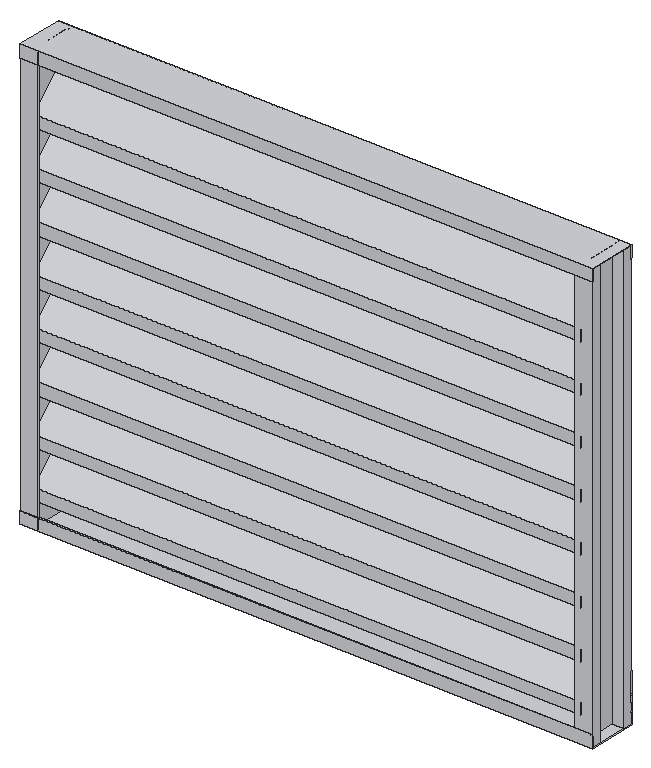
Revit family "SFL-4", category Mechanical Equipment, Revit 2015
Parameters
  URL = "https://unitedenertech.com/catalog/pdf/A_14%20SFL-4.pdf"
  Type Comments = "Max. Single Section Size is (96\"w x 72\"h)"
  Model = "SFL-4"
  Manufacturer = "United Enertech Corporation"
  Exact Width = 4' - 0"
  Exact Height = 3' - 0"
  Description = "4\" Fixed Steel Louver"
  Depth = 0' - 4.0956"
  Blade Spacing [instance] = 0' - 4"
  Blade Number [instance] = (Exact Height - 0' 4") / Blade Spacing  # 8
  BW [instance] = Exact Width - 0' 2 3/32"  # 3' - 9 29/32"
Reference planes (in)
  plane 1 "Center (Front/Back)": y = 0
  plane 2: z = 0
  plane 3 "Center (Left/Right)": x = 0
  plane 4: z = 18
  plane 5: z = 36
  plane 6: x = -24
  plane 7: x = 24
  plane 8: y = -4.0956
  plane 9: z = 0.0478
  plane 10: z = 35.9522
  plane 11: y = -0.0478
  plane 12: y = -4.0478
  plane 13: y = -4
Forms (in)
  Extrusion 1, solid
    sketch origin (34.90286, -55.01531, -11.50264) x (0, 1, 0) y (0, 0, 1)
      loop
        line (50.96751, 12.50264) -> (50.91971, 12.50264) -> (50.91971, 11.50264) -> (55.01531, 11.50264) -> (55.01531, 15.50264) -> (54.96751, 15.50264) -> (54.96751, 11.55044) -> (50.96751, 11.55044) -> (50.96751, 12.50264)
    from -58.90286 to -10.90286
  Extrusion 2, solid
    sketch origin (3, -48.37133, 17.64653) x (0, 1, 0) y (0, 0, 1)
      loop
        line (44.27573, 17.35347) -> (44.32353, 17.35347) -> (44.32353, 18.30567) -> (48.32353, 18.30567) -> (48.32353, 17.35347) -> (48.37133, 17.35347) -> (48.37133, 18.35347) -> (44.27573, 18.35347) -> (44.27573, 17.35347)
    from -27 to 21
  Extrusion 3, solid
    sketch origin (-56.98911, -20.29061, 0) x (1, 0, 0) y (0, 1, 0)
      loop
        line (34.48911, 20.19501) -> (34.48911, 20.24281) -> (32.98911, 20.24281) -> (32.98911, 19.49281) -> (33.98911, 19.49281) -> (33.98911, 16.99281) -> (32.98911, 16.99281) -> (32.98911, 16.24281) -> (34.48911, 16.24281) -> (34.48911, 16.29061) -> (33.03691, 16.29061) -> (33.03691, 16.94501) -> (34.03691, 16.94501) -> (34.03691, 19.54061) -> (33.03691, 19.54061) -> (33.03691, 20.19501) -> (34.48911, 20.19501)
    from 0.0478 to 35.9522
  Extrusion 4, solid
    sketch origin (56.98911, -20.29061, 0) x (-1, 0, 0) y (0, -1, 0)
      loop
        line (34.48911, -20.19501) -> (33.03691, -20.19501) -> (33.03691, -19.54061) -> (34.03691, -19.54061) -> (34.03691, -16.94501) -> (33.03691, -16.94501) -> (33.03691, -16.29061) -> (34.48911, -16.29061) -> (34.48911, -16.24281) -> (32.98911, -16.24281) -> (32.98911, -16.99281) -> (33.98911, -16.99281) -> (33.98911, -19.49281) -> (32.98911, -19.49281) -> (32.98911, -20.24281) -> (34.48911, -20.24281) -> (34.48911, -20.19501)
    from 0.0478 to 35.9522
Dimensions and locks (in)
  equal spacing: plane 5, plane 4, level
  "Exact Height": plane 5 to level
  equal spacing: plane 6, plane 3 "Center (Left/Right)", plane 7
  "Exact Width": plane 6 to plane 7
  "Depth": plane 1 "Center (Front/Back)" to plane 8
  locked: plane 9 to level at 0.0478
  locked: plane 5 to plane 10 at 0.0478
  locked: plane 12 to plane 8 at 0.0478
  locked: plane 1 "Center (Front/Back)" to plane 11 at 0.0478
  locked: plane 13 to plane 8 at 0.0956
  equal spacing: group 1, group 2, group 3, group 4, group 5, group 6, group 7, group 8  (x2)
  equal spacing: group 8, group 7, group 6, group 5, group 4, group 3, group 2, group 1
  "Blade Spacing": nested 2 to nested 1
  aligned and locked: level to plane 2
  aligned and locked: plane 6 to Extrusion 1
  aligned and locked: plane 7 to Extrusion 1
  aligned and locked: plane 5 to Extrusion 2
  aligned and locked: plane 6 to Extrusion 2
  aligned and locked: plane 7 to Extrusion 2
  aligned and locked: plane 6 to Extrusion 3
  aligned and locked: plane 7 to Extrusion 4
  aligned and locked: Extrusion 4 to plane 9
  aligned and locked: Extrusion 3 to plane 9
  aligned and locked: plane 10 to Extrusion 3
  aligned and locked: plane 10 to Extrusion 4
  aligned and locked: plane 3 "Center (Left/Right)" to nested 1
  aligned and locked: plane 10 to nested 1
  aligned and locked: nested 1 to plane 13
  aligned and locked: nested 2 to nested 1
Automatic sketch dimensions
  Extrusion 1 sketch curve to plane 8 = 0' - 0"
  Extrusion 1 sketch curve to plane 12 = 0' - 0"
  plane 9 to Extrusion 1 sketch curve = 0' - 0"
  Extrusion 1 sketch curve to plane 11 = 0' - 0"
  Extrusion 1 sketch curve to level = 0' - 0"
  Extrusion 1 sketch curve to plane 1 "Center (Front/Back)" = 0' - 0"
  plane 9 to Extrusion 1 sketch curve = 0' - 0.9522"
  plane 9 to Extrusion 1 sketch curve = 0' - 3.9522"
  Extrusion 2 sketch curve to plane 5 = 0' - 0"
  Extrusion 2 sketch curve to plane 8 = 0' - 0"
  Extrusion 2 sketch curve to plane 10 = 0' - 0"
  Extrusion 2 sketch curve to plane 12 = 0' - 0"
  Extrusion 2 sketch curve to plane 11 = 0' - 0"
  Extrusion 2 sketch curve to plane 1 "Center (Front/Back)" = 0' - 0"
  Extrusion 2 sketch curve to Extrusion 2 sketch curve = 0' - 0.9522"  (x2)
  Extrusion 3 sketch curve to plane 6 = 0' - 0"  (x2)
  Extrusion 3 sketch curve to plane 12 = 0' - 0"
  Extrusion 3 sketch curve to plane 11 = 0' - 0"
  Extrusion 3 sketch curve to plane 6 = 0' - 0.0478"  (x2)
  Extrusion 3 sketch curve to Extrusion 3 sketch curve = 0' - 0.9522"
  Extrusion 3 sketch curve to Extrusion 3 sketch curve = 0' - 0.0478"  (x3)
  plane 12 to Extrusion 3 sketch curve = 0' - 0.0478"
  Extrusion 3 sketch curve to Extrusion 3 sketch curve = 0' - 0.4522"  (x2)
  Extrusion 3 sketch curve to plane 11 = 0' - 0.0478"
  Extrusion 3 sketch curve to Extrusion 3 sketch curve = 0' - 0.6544"
  Extrusion 3 sketch curve to plane 11 = 0' - 0 3/4"
  Extrusion 4 sketch curve to plane 7 = 0' - 0"  (x2)
  Extrusion 4 sketch curve to plane 12 = 0' - 0"
  Extrusion 4 sketch curve to plane 11 = 0' - 0"
  plane 7 to Extrusion 4 sketch curve = 0' - 0.0478"  (x2)
  Extrusion 4 sketch curve to Extrusion 4 sketch curve = 0' - 0.9522"
  Extrusion 4 sketch curve to Extrusion 4 sketch curve = 0' - 0.0478"  (x3)
  Extrusion 4 sketch curve to plane 12 = 0' - 0.0478"
  Extrusion 4 sketch curve to Extrusion 4 sketch curve = 0' - 0.4522"  (x2)
  plane 11 to Extrusion 4 sketch curve = 0' - 0.0478"
  Extrusion 4 sketch curve to Extrusion 4 sketch curve = 0' - 0.6544"
  plane 11 to Extrusion 4 sketch curve = 0' - 0 3/4"
Nested families (in)
  nested 1: "Blade" at (0, 2.66301, 26.59558), type "Blade"
    with BW 3' - 9 29/32"
  nested 2: "Blade" at (0, 2.66301, 22.59558), type "Blade"
    with BW 3' - 9 29/32"
  nested 3: "Blade" at (0, 2.66301, 18.59558), type "Blade"
    with BW 3' - 9 29/32"
  nested 4: "Blade" at (0, 2.66301, 14.59558), type "Blade"
    with BW 3' - 9 29/32"
  nested 5: "Blade" at (0, 2.66301, 10.59558), type "Blade"
    with BW 3' - 9 29/32"
  nested 6: "Blade" at (0, 2.66301, 6.59558), type "Blade"
    with BW 3' - 9 29/32"
  nested 7: "Blade" at (0, 2.66301, 2.59558), type "Blade"
    with BW 3' - 9 29/32"
  nested 8: "Blade" at (0, 2.66301, -1.40442), type "Blade"
    with BW 3' - 9 29/32"
Definition of nested family "Blade"
  Parameters (values of type "Blade")
    BW = 5' - 0"
  Reference planes (in)
    plane 1 "Center (Front/Back)": y = 0
    plane 2: z = 0
    plane 3 "Center (Left/Right)": x = 0
    plane 4: x = -30
    plane 5: x = 30
  Forms (in)
    Extrusion 1, solid
      sketch origin (0, 0, 0) x (0, 1, 0) y (0, 0, 1)
        loop
          line (-3.13361, 9.35662) -> (-3.13361, 9.30882) -> (-2.80641, 9.30882) -> (-2.80641, 8.37642) -> (-6.66301, 4.51982) -> (-6.66301, 3.51982) -> (-6.28801, 3.51982) -> (-6.28801, 3.56762) -> (-6.61521, 3.56762) -> (-6.61521, 4.50002) -> (-2.75861, 8.35662) -> (-2.75861, 9.35662) -> (-3.13361, 9.35662)
      from -30 to 30
  Dimensions and locks (in)
    equal spacing: plane 5, plane 3 "Center (Left/Right)", plane 4
    "BW": plane 5 to plane 4
    aligned and locked: level to plane 2
    aligned and locked: Extrusion 1 to plane 4
    aligned and locked: plane 5 to Extrusion 1
  Automatic sketch dimensions
    plane 1 "Center (Front/Back)" to Extrusion 1 sketch curve = 0' - 6.66301"
    Extrusion 1 sketch curve to Extrusion 1 sketch curve = 0' - 0.0478"  (x4)
    Extrusion 1 sketch curve to Extrusion 1 sketch curve = 0' - 0.3272"  (x2)
    plane 1 "Center (Front/Back)" to Extrusion 1 sketch curve = 0' - 3.13361"
    level to Extrusion 1 sketch curve = 0' - 3.51982"
    Extrusion 1 sketch curve to Extrusion 1 sketch curve = 0' - 0.9324"  (x2)
    Extrusion 1 sketch curve to Extrusion 1 sketch curve = 0' - 0.0198"  (x2)
    Extrusion 1 sketch curve to Extrusion 1 sketch curve = 0' - 3.8566"
